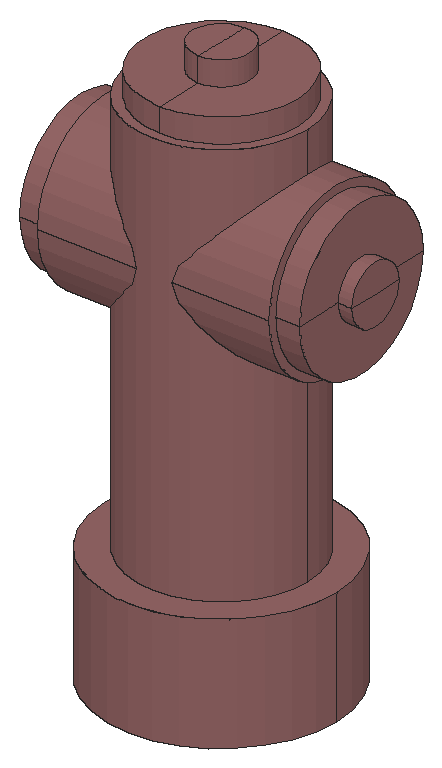
Revit family
Reference planes
  plane 1 "중심(앞/뒤)": y = 0
  plane 2: z = 0
  plane 3 "중심(왼쪽/오른쪽)": x = 0
  plane 4: z = 395.256
Forms (mm)
  Extrusion 1, solid, material "금속 - 페인트 마감 - 인디언 빨간색, 무광"
    sketch origin (0, 0, 0) x (1, 0, 0) y (0, 1, 0)
      loop
        circle (0, 0) r 114.3
    from 0 to 558.8
  Extrusion 2, solid, material "금속 - 페인트 마감 - 인디언 빨간색, 무광"
    sketch origin (0, 0, 0) x (0, 1, 0) y (0, 0, 1)
      loop
        circle (0, 395.256) r 111.76
    from -152.4 to 152.4
  Extrusion 3, solid, material "금속 - 페인트 마감 - 인디언 빨간색, 무광"
    sketch origin (0, 0, 0) x (1, 0, 0) y (0, 1, 0)
      loop
        circle (0, 0) r 152.4
    from -127 to 25.4
  Revolve 4, solid, material "금속 - 페인트 마감 - 인디언 빨간색, 무광"
    sketch origin (0, 0, 395.256) x (0, -1, 0) y (1, 0, 0)
      loop
        line (0, 152.4) -> (0, 203.2) -> (-38.1, 203.2) -> (-38.1, 184.15) -> (-101.6, 184.15) -> (-101.6, 152.4) -> (0, 152.4)
      loop
        line (0, -152.4) -> (-101.6, -152.4) -> (-101.6, -184.15) -> (-38.1, -184.15) -> (-38.1, -203.2) -> (0, -203.2) -> (0, -152.4)
      axis (0, -203.2) -> (0, 203.2)
    angle from 0 to 360
  Revolve 5, solid, material "금속 - 페인트 마감 - 인디언 빨간색, 무광"
    sketch origin (0, 0, 0) x (0, 1, 0) y (0, 0, 1)
      loop
        line (0, 558.8) -> (0, 622.3) -> (-38.1, 622.3) -> (-38.1, 590.55) -> (-101.6, 590.55) -> (-101.6, 558.8) -> (0, 558.8)
      axis (0, 622.3) -> (0, 558.8)
    angle from 0 to 360
